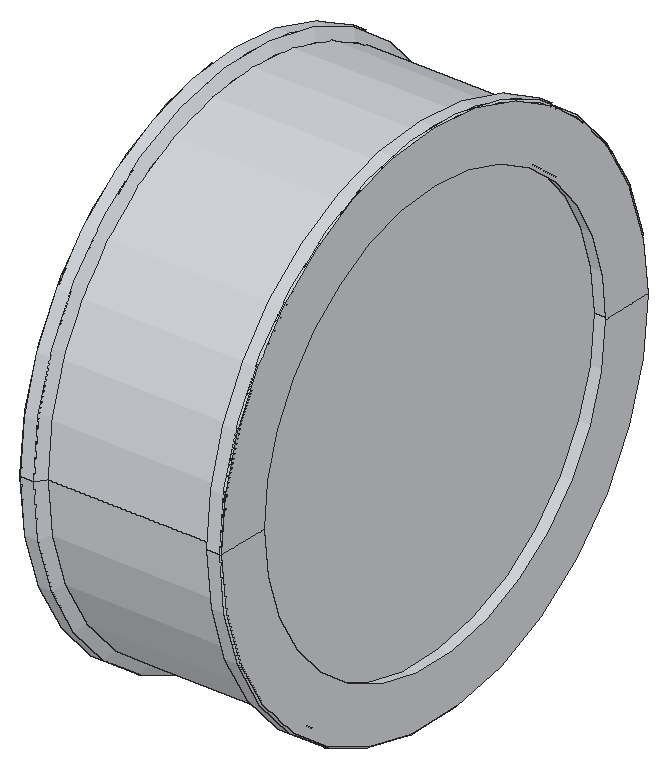
Revit family "PipeAccessories_WaferCheckValve_CastIron_Dura_50-300mm", category Pipe Accessories, Revit 2019
Family settings
  Round Connector Dimension = Use Radius
  Part Type = Valve - Normal
  OmniClass Number = 23.65.55.14.17
  OmniClass Title = Adjusting/Controlling Valves for Liquid Services
  Work Plane-Based = No
  Always vertical = Yes
  Cut with Voids When Loaded = No
  Shared = No
Parameters (values of type "Wafer Check Valve_300mm")
  Wheel Rad = Internal Radius - 4.00 mm  # 158.00 mm
  WaterTreatmentSystemOperating [instance] = yes
  WaterLevelsSet [instance] = yes
  Uniformat IIElements = "TBC"
  URL = "www.reece.com.au"
  Type Comments = "Dura;s range of valves ensure you have the right valve for the right application;Products range from ball valves and gate valves all the way to butterfly and mechanical valves to ensure you have the solution to meet your specification requirements;"
  StatutoryRegistrationsAndLabelsComplete [instance] = yes
  Size = 300.00 mm
  SerialNumber [instance] = ""
  Rod Hight = B + 1.00 mm  # 325.00 mm
  ProductCode = "1005678"
  OmniclassProducts = "TBC"
  NATSPECWorkSection = "TBC"
  ModifiedIssue_ANZRS = 20130924.61
  Model Version = "2013-03"
  Model Status [instance] = ""
  Model Specification = "BMA"
  Mark [instance] = ""
  Left Rod Radius = Right Rod Radius / 2  # 7.50 mm
  Right Rod Radius = Size / 20  # 15.00 mm
  Model = "Wafer Check Valve_300mm"
  Description = "The Dura wafer check valve is a high performance general-purpose valve; It is compact in design enabling the installation and pipework expenditure to be greatly reduced; Dura wafer type check valves are lighter and smallercompared to conventional swing checks; applicable to HVAC; building service; irrigation; fire fighting and general industry;"
  CreatedBy_ANZRS = "A2K Technologies"  # constant formula
  CreatedByURL_ANZRS = "http://www.bimmepaus.com.au/"
  CommissioningEngineer [instance] = ""
  CommissioningDate [instance] = ""
  BodyMaterial = none
  Manufacturer = "Reece"
  FinalHHWFlow [instance] = 0 GPM
  C = 143.00 mm
  Outer Radius = A / 2  # 189.50 mm
  Nominal Radius = Size / 2  # 150.00 mm
  Internal Radius = B / 2  # 162.00 mm
  B = 324.00 mm
  Assembly Code = "D2090800"
  A = 379.00 mm
Types (9, lengths in mm): name | Wheel Rad | Size | Rod Hight | ProductCode | Left Rod Radius | Right Rod Radius | Model | C | Outer Radius | Nominal Radius | Internal Radius | B | A
  Wafer Check Valve_50mm | 29.00 | 50.00 | 67.00 | "1005670" | 1.25 | 2.50 | "Wafer Check Valve_50mm" | 54.00 | 48.00 | 25.00 | 33.00 | 66.00 | 96.00
  Wafer Check Valve_300mm | 158.00 | 300.00 | 325.00 | "1005678" | 7.50 | 15.00 | "Wafer Check Valve_300mm" | 143.00 | 189.50 | 150.00 | 162.00 | 324.00 | 379.00
  Wafer Check Valve_250mm | 132.50 | 250.00 | 274.00 | "1005677" | 6.25 | 12.50 | "Wafer Check Valve_250mm" | 108.00 | 165.50 | 125.00 | 136.50 | 273.00 | 331.00
  Wafer Check Valve_200mm | 101.00 | 200.00 | 211.00 | "1005676" | 5.00 | 10.00 | "Wafer Check Valve_200mm" | 95.00 | 133.50 | 100.00 | 105.00 | 210.00 | 267.00
  Wafer Check Valve_150mm | 81.00 | 150.00 | 171.00 | "1005675" | 3.75 | 7.50 | "Wafer Check Valve_150mm" | 76.00 | 105.00 | 75.00 | 85.00 | 170.00 | 210.00
  Wafer Check Valve_125mm | 66.50 | 125.00 | 142.00 | "1005674" | 3.125 | 6.25 | "Wafer Check Valve_125mm" | 70.00 | 95.00 | 62.50 | 70.50 | 141.00 | 190.00
  Wafer Check Valve_100mm | 53.50 | 100.00 | 116.00 | "1005673" | 2.50 | 5.00 | "Wafer Check Valve_100mm" | 64.00 | 79.00 | 50.00 | 57.50 | 115.00 | 158.00
  Wafer Check Valve_80mm | 41.00 | 80.00 | 91.00 | "1005672" | 2.00 | 4.00 | "Wafer Check Valve_80mm" | 57.00 | 63.00 | 40.00 | 45.00 | 90.00 | 126.00
  Wafer Check Valve_65mm | 35.00 | 65.00 | 79.00 | "1005671" | 1.625 | 3.25 | "Wafer Check Valve_65mm" | 54.00 | 54.50 | 32.50 | 39.00 | 78.00 | 109.00
Reference planes
  plane 1 "Center (Front/Back)": y = 0
  plane 2: z = 0
  plane 3 "Center (Left/Right)": x = 0
  plane 4 "Top": y = 150
  plane 5 "Bottom": y = -150
  plane 6 "RHS": x = 71.5
  plane 7 "LHS": x = -71.5
Forms (mm)
  Revolve 1, solid, material <- "BodyMaterial", detail levels fine
    sketch origin (0, 0, 0) x (0, 1, 0) y (-1, 0, 0)
      loop
        line (-164, 71.5) -> (-188.521, 71.5) -> (-189.5, 70.521) -> (-189.5, 61.453) -> (-182.197, 57.236) -> (-182.197, -57.236) -> (-189.5, -61.453) -> (-189.5, -70.521) -> (-188.521, -71.5) -> (-151.531, -71.5) -> (-154, -69.969) -> (-154, -61.5) -> (-162, -61.5) -> (-162, 69.5) -> (-164, 71.5)
      axis (0, 71.5) -> (0, -71.5)
    angle from 0 to 360
  Extrusion 2, solid, material <- "BodyMaterial", detail levels fine
    sketch origin (6, 0, 0) x (0, 1, 0) y (0, 0, 1)
      loop
        circle (0, 0) r 158
    from 44.5 to 53
  Revolve 3, solid, material <- "BodyMaterial", detail levels fine
    sketch origin (0, 0, 0) x (-1, 0, 0) y (0, 0, 1)
      loop
        line (56.28, -162.5) -> (63.78, -162.5) -> (63.78, 162.5) -> (56.28, 162.5) -> (56.28, -162.5)
      axis (56.28, -162.5) -> (56.28, 162.5)
    angle from 0 to 360
  Revolve 4, solid, material <- "BodyMaterial", detail levels fine
    sketch origin (15.5, 0, 0) x (-1, 0, 0) y (0, 0, 1)
      loop
        line (-34.5, 162.5) -> (-34.5, -162.5) -> (-19.5, -162.5) -> (-19.5, 162.5) -> (-34.5, 162.5)
      axis (-19.5, -162.5) -> (-19.5, 162.5)
    angle from 0 to 360
Dimensions and locks
  "C": Revolve 1 sketch curve to Revolve 1 sketch curve
  locked: Revolve 1 sketch curve to Revolve 1 sketch curve at 8
  locked: Revolve 1 sketch curve to Revolve 1 sketch curve at 2  (x2)
  locked: Revolve 1 sketch curve to Revolve 1 sketch curve at 1.385  (x2)
  locked: Revolve 1 sketch curve to Revolve 1 sketch curve at 0.979  (x4)
  locked: Revolve 1 sketch curve to Revolve 1 sketch curve at 10.047  (x2)
  locked: Revolve 1 sketch curve to Revolve 1 sketch curve at 10
  "Rod Hight": Revolve 3 sketch curve to Revolve 3 sketch curve
  "Rod Hight": Revolve 4 sketch curve to Revolve 4 sketch curve
  equal spacing: Revolve 4 sketch curve, level, Revolve 4 sketch curve
  equal spacing: Revolve 3 sketch curve, level, Revolve 3 sketch curve
  "Left Rod Radius": Revolve 3 sketch curve to Revolve 3 sketch curve
  "Right Rod Radius": Revolve 4 sketch curve to Revolve 4 sketch curve
  Extrusion 2 to Revolve 1 = 2.453 mm
  locked: Extrusion 2 to Extrusion 2 at 8.5
  equal spacing: Revolve 1 sketch curve, plane 3 "Center (Left/Right)", Revolve 1 sketch curve
  locked: Revolve 4 sketch curve to Extrusion 2 at 0.5
  locked: Revolve 3 sketch curve to Revolve 1 at 7.72
  "Internal Radius": plane 1 "Center (Front/Back)" to Revolve 1 sketch curve
  locked: Revolve 1 to Extrusion 2 at 12.5
  equal spacing: plane 4 "Top", plane 1 "Center (Front/Back)", plane 5 "Bottom"
  "Size": plane 4 "Top" to plane 5 "Bottom"
  equal spacing: plane 7 "LHS", plane 3 "Center (Left/Right)", plane 6 "RHS"
  "C": plane 7 "LHS" to plane 6 "RHS"
  locked: Revolve 1 sketch curve to Revolve 1 sketch curve at 7.303
  "Outer Radius": plane 1 "Center (Front/Back)" to Revolve 1 sketch curve
  "Wheel Rad": radius of Extrusion 2 sketch curve
  aligned and locked: plane 2 to level
  aligned and locked: Revolve 1 sketch curve to Revolve 1 sketch curve
  aligned and locked: Revolve 4 sketch curve to Revolve 4 sketch curve
  aligned and locked: plane 1 "Center (Front/Back)" to nested 1
  aligned and locked: plane 3 "Center (Left/Right)" to nested 1
Automatic sketch dimensions
  plane 1 "Center (Front/Back)" to Revolve 1 sketch curve = 0.00 mm
  Revolve 1 sketch curve to plane 3 "Center (Left/Right)" = 0.00 mm
  Revolve 1 sketch curve to plane 5 "Bottom" = 1.531 mm
  Revolve 1 sketch curve to plane 6 "RHS" = 1.531 mm
  Revolve 1 sketch curve to Revolve 1 sketch curve = 4.217 mm  (x2)
  Revolve 1 sketch curve to plane 7 "LHS" = 46.00 mm
  Extrusion 2 sketch curve to level = 0.00 mm
  Extrusion 2 sketch curve to plane 1 "Center (Front/Back)" = 0.00 mm
  Revolve 3 sketch curve to Revolve 3 sketch curve = 0.00 mm
  Revolve 3 sketch curve to Revolve 3 sketch curve = 2.119 mm
  Revolve 3 sketch curve to Revolve 3 sketch curve = 3.372 mm
  Revolve 4 sketch curve to Revolve 4 sketch curve = 2.119 mm
  Revolve 4 sketch curve to Revolve 4 sketch curve = 3.372 mm
Nested families
  nested 1: "Check Valve Symbol" at (0, 0, 0), type "Check Valve Symbol", detail levels coarse+medium
Connectors
  piping at (71.5, 0, 0), diameter 300, driven by "Nominal Radius"
    settings: on Revolve 1, index 1, connector inside diameter 1.9685", connector length 0.00 mm, flow factor 0, pipe flow 0 GPM, pressure drop 0.00 psi, fitting loss kfactor 0, connector angle 0.00°, fixture units 0, engagement length 0.00 mm, angle of deflection 0.00°, flow configuration 0, flow direction 0, fitting loss method 0, system type 28, joint type 0, gender type 0, connector reference index 2, connector utility 0, adjustable connector no, is connector primary no, connector description ""
  piping at (-71.5, 0, 0), diameter 300, driven by "Nominal Radius"
    settings: on Revolve 1, index 2, connector inside diameter 2.59843", connector length 0.00 mm, flow factor 0, pipe flow 0 GPM, pressure drop 0.00 psi, fitting loss kfactor 0, connector angle 0.00°, fixture units 0, engagement length 0.00 mm, angle of deflection 0.00°, flow configuration 0, flow direction 0, fitting loss method 0, system type 28, joint type 0, gender type 0, connector reference index 1, connector utility 0, adjustable connector no, is connector primary yes, connector description ""
Definition of nested family "Check Valve Symbol"
  Parameters
    Width = 115.00 mm
    Length = 120.00 mm
  Reference planes
    plane 1 "Center (Front/Back)": y = 0
    plane 2: z = 0
    plane 3 "Center (Left/Right)": x = 0
  Lines and regions (mm)
    model lines
      curve 1: line (-60, 57.5, 0) -> (-60, -57.5, 0)
      curve 2: line (60, 57.5, 0) -> (60, -57.5, 0)
      curve 3: line (60, -57.5, 0) -> (-60, 57.5, 0)
      curve 4: line (60, 57.5, 0) -> (-60, 57.5, 0)
  Dimensions and locks
    "Length": curve 1 to curve 2
    equal spacing: curve 1, plane 3 "Center (Left/Right)", curve 2
    "Width": curve 1 to curve 3
    equal spacing: curve 1, plane 1 "Center (Front/Back)", curve 3
    "Width": curve 2 to curve 3
    equal spacing: curve 3, plane 1 "Center (Front/Back)", curve 2
    aligned and locked: level to plane 2
